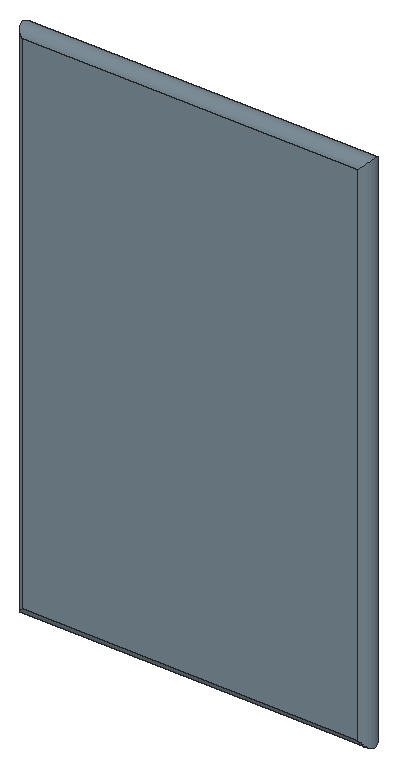
Revit family "FU_Modular_Sandler_Pau 1820PT", category Furniture, Revit 2020
Family settings
  OmniClass Number = 23.40.20.00
  OmniClass Title = General Furniture and Specialties
  Work Plane-Based = No
  Always vertical = Yes
  Cut with Voids When Loaded = No
  Shared = No
  Room Calculation Point = No
Parameters (values of type "PAU1820PT")
  Width = 800 mm
  URL = "https://www.sandlerseating.com/product/pau1820pt/"
  Thickness = 50 mm  # constant formula
  Panel Height = 1200 mm
  Panel Fabric [instance] = Fabric - Mainline Flax - Epping MLF51
  Model = "PAU1820PT"
  Manufacturer = "Sandler"
  Overall Elevation = 1300 mm
  Description = "Upholstered rear privacy screen for sofas and modules with backrest."
  Default Elevation = 0 mm
Types (6, lengths in mm): name | Width | URL | Panel Height | Panel Fabric | Model | Overall Elevation | Description
  PAU1820PT | 800 | "https://www.sandlerseating.com/product/pau1820pt/" | 1200 | Fabric - Mainline Flax - Epping MLF51 | "PAU1820PT" | 1300 | "Upholstered rear privacy screen for sofas and modules with backrest."
  ESC0824PT | 2400 | "https://www.sandlerseating.com/product/esc0824pt/" | 970 | none | "Escalas 0824PT" | 1200 | "Upholstered back side privacy panel."
  ESC0818PT | 1800 | "https://www.sandlerseating.com/product/esc0818pt/" | 970 | none | "ESCALAS 0818PT" | 1200 | "Upholstered back side privacy panel."
  ESC0816PT | 1600 | "https://www.sandlerseating.com/product/esc0816pt/" | 970 | none | "ESCALAS 0816PT" | 1200 | "Upholstered back side privacy panel."
  ESC0812PT | 1200 | "https://www.sandlerseating.com/product/esc0812pt/" | 970 | none | "ESCALAS 0812PT" | 1200 | "Upholstered back side privacy panel."
  ESC0820PT | 2000 | "https://www.sandlerseating.com/product/esc0820pt/" | 970 | none | "ESCALAS 0820PT" | 1200 | "Upholstered back side privacy panel."
Reference planes
  plane 1 "Center (Front/Back)": y = 0
  plane 2: z = 0
  plane 3 "Center (Left/Right)": x = 0
  plane 4 "Right": x = -400
  plane 5 "Left": x = 400
  plane 6 "Front": y = -25
  plane 7 "Back": y = 25
  plane 8 "Top": z = 1300
  plane 9 "Panel Base": z = 100
Forms (mm)
  Extrusion 1, solid, material "Fabric - Mainline Flax - Epping MLF51" <- "Panel Fabric"
    sketch origin (0, 0, 400) x (-1, 0, 0) y (0, 0, 1)
      loop
        line (-400, 900) -> (-400, -300) -> (400, -300) -> (400, 900) -> (-400, 900)
    from -25 to 25
  Sweep 2, void
    path in 3D
      loop
        line (-400, -25, 100) -> (400, -25, 100) -> (400, -25, 1300) -> (-400, -25, 1300) -> (-400, -25, 100)
    profile "Pro_Panel EdgeCut_10x50 : Pro_Panel EdgeCut_10x50" origin (-400, -25, 700) x (0, -1, 0) y (-1, 0, 0)
      loop
        line (20, -18.425) -> (20, 6.575) -> (-70, 6.575) -> (-70, -18.425)
        arc (-70, -18.425) -> (-60, -28.425) -> (-50, -18.425) r 10
        arc (-50, -18.425) -> (-25, 0) -> (0, -18.425) r 26.173
        arc (0, -18.425) -> (10, -28.425) -> (20, -18.425) r 10
Cuts and joins
  Sweep 2 cuts Extrusion 1
Lines and regions (mm)
  sketch lines
    curve 1: line (-400, -25, 1300) -> (-400, -25, 100)
    curve 2: line (400, -25, 1300) -> (-400, -25, 1300)
    curve 3: line (400, -25, 100) -> (400, -25, 1300)
    curve 4: line (-400, -25, 100) -> (400, -25, 100)
Dimensions and locks
  "Width": plane 4 "Right" to plane 5 "Left"
  equal spacing: plane 4 "Right", plane 3 "Center (Left/Right)", plane 5 "Left"
  equal spacing: plane 7 "Back", plane 1 "Center (Front/Back)", plane 6 "Front"
  "Thickness": plane 7 "Back" to plane 6 "Front"
  "Overall Elevation": plane 8 "Top" to level
  "Panel Height": plane 8 "Top" to plane 9 "Panel Base"
  aligned and locked: level to plane 2
  aligned and locked: plane 8 "Top" to Extrusion 1 sketch curve
  aligned and locked: Extrusion 1 sketch curve to plane 4 "Right"
  aligned and locked: plane 5 "Left" to Extrusion 1 sketch curve
  aligned and locked: Extrusion 1 sketch curve to plane 9 "Panel Base"
